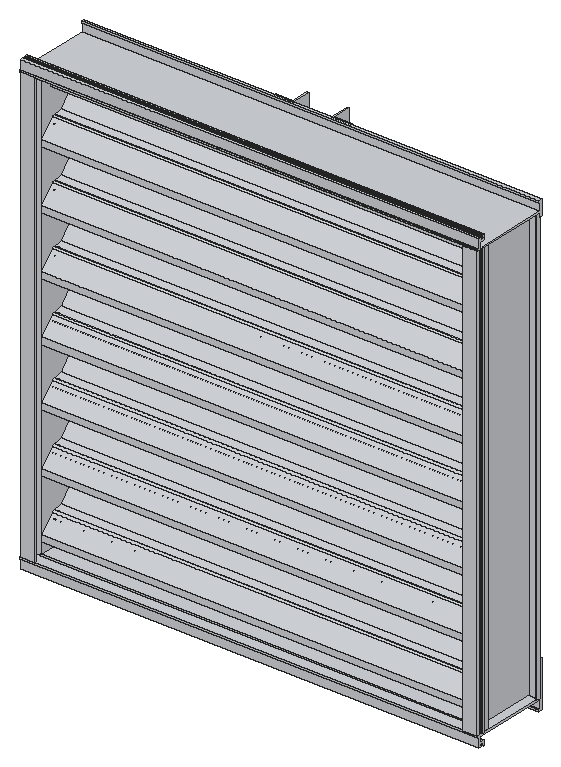
Revit family "FA-157", category Mechanical Equipment, Revit 2015
Parameters
  URL = "https://unitedenertech.com/catalog/pdf/A_29a%20FA-157.pdf"
  Type Comments = "Max. Single Section Size is (60\"w  x  96\"h)"
  Number of Blades [instance] = rounddown((Exact Height - 0' 2 1/2") / 0' 4 41/64")  # 7
  Model = "FA-157"
  Manufacturer = "United Enertech Corporation"
  Exact Width = 3' - 0"
  Exact Height = 3' - 0"
  Description = "High Performance 90 Degree Adjustable Louver 6\""
  Depth = 0' - 6.26867"
  Blade Width [instance] = Exact Width - 0' 1 13/16" - 0' 0 1/8"  # 2' - 10 1/16"
  Blade Spacing = 0' - 4.64"
Reference planes (in)
  plane 1 "Center (Front/Back)": y = 0
  plane 2: z = 0
  plane 3 "Center (Left/Right)": x = 0
  plane 4: x = -18
  plane 5: x = 18
  plane 6: z = 36
  plane 7: z = 0.907
  plane 8: z = 35.093
  plane 9: y = 6.26867
  plane 10: x = -17.094
  plane 11: x = 17.094
  plane 12: y = 1.9432
  plane 13: y = 2.394
  plane 14: y = 0.875
  plane 15: z = 34.0098
  plane 16: x = -3
  plane 17: x = 3
  plane 18: z = 33.38582
  plane 19: z = 33.88582
  plane 20: z = 3.22289
Forms (in)
  Extrusion 1, solid
    sketch origin (32.73411, 22.44798, 0) x (1, 0, 0) y (0, 1, 0)
      loop
        line (-50.60911, -16.59898) -> (-50.60911, -16.49198) -> (-49.95311, -16.49198) -> (-49.95311, -21.36398) -> (-50.66611, -21.36398) -> (-50.66611, -21.82298) -> (-50.73411, -21.82298) -> (-50.73411, -21.94798) -> (-50.66611, -21.94798) -> (-50.66611, -22.00898) -> (-50.58511, -22.00898) -> (-50.58511, -21.94798) -> (-50.49711, -21.94798) -> (-50.49711, -22.32298) -> (-50.58511, -22.32298) -> (-50.58511, -22.23198) -> (-50.66611, -22.23198) -> (-50.66611, -22.44798) -> (-49.56511, -22.44798) -> (-49.56511, -22.32298) -> (-49.82811, -22.32298) -> (-49.82811, -22.21598) -> (-49.95311, -22.21598) -> (-49.95311, -22.32298) -> (-50.37211, -22.32298) -> (-50.37211, -21.82298) -> (-50.54111, -21.82298) -> (-50.54111, -21.48898) -> (-49.82811, -21.48898) -> (-49.82811, -16.49198) -> (-49.56511, -16.49198) -> (-49.56511, -16.36698) -> (-50.73411, -16.36698) -> (-50.73411, -16.59898) -> (-50.60911, -16.59898)
    from 0.907 to 35.093
  Extrusion 2, solid
    sketch origin (-32.73411, 22.44798, 0) x (-1, 0, 0) y (0, -1, 0)
      loop
        line (-50.60911, 16.59898) -> (-50.73411, 16.59898) -> (-50.73411, 16.36698) -> (-49.56511, 16.36698) -> (-49.56511, 16.49198) -> (-49.82811, 16.49198) -> (-49.82811, 21.48898) -> (-50.54111, 21.48898) -> (-50.54111, 21.82298) -> (-50.37211, 21.82298) -> (-50.37211, 22.32298) -> (-49.95311, 22.32298) -> (-49.95311, 22.21598) -> (-49.82811, 22.21598) -> (-49.82811, 22.32298) -> (-49.56511, 22.32298) -> (-49.56511, 22.44798) -> (-50.66611, 22.44798) -> (-50.66611, 22.23198) -> (-50.58511, 22.23198) -> (-50.58511, 22.32298) -> (-50.49711, 22.32298) -> (-50.49711, 21.94798) -> (-50.58511, 21.94798) -> (-50.58511, 22.00898) -> (-50.66611, 22.00898) -> (-50.66611, 21.94798) -> (-50.73411, 21.94798) -> (-50.73411, 21.82298) -> (-50.66611, 21.82298) -> (-50.66611, 21.36398) -> (-49.95311, 21.36398) -> (-49.95311, 16.49198) -> (-50.60911, 16.49198) -> (-50.60911, 16.59898)
    from 0.907 to 35.093
  Extrusion 3, solid
    sketch origin (-10.45021, 50.73378, 8.99276) x (0, 1, 0) y (0, 0, 1)
      loop
        line (-44.46511, -5.28576) -> (-44.59011, -5.28576) -> (-44.59011, -8.08576) -> (-50.73378, -8.08576) -> (-50.73378, -8.21076) -> (-50.67111, -8.21076) -> (-50.67111, -8.92376) -> (-50.45511, -8.92376) -> (-50.45511, -8.84276) -> (-50.56811, -8.84276) -> (-50.56811, -8.75476) -> (-50.17111, -8.75476) -> (-50.17111, -8.84276) -> (-50.23211, -8.84276) -> (-50.23211, -8.92376) -> (-50.17111, -8.92376) -> (-50.17111, -8.99276) -> (-50.09011, -8.99276) -> (-50.09011, -8.62976) -> (-50.56811, -8.62976) -> (-50.56811, -8.21076) -> (-44.59011, -8.21076) -> (-44.59011, -8.86776) -> (-44.69711, -8.86776) -> (-44.69711, -8.99276) -> (-44.46511, -8.99276) -> (-44.46511, -5.28576)
    from -7.54979 to 28.45021
  Extrusion 4, solid
    sketch origin (-12.41983, 50.73378, 47.84535) x (0, 1, 0) y (0, 0, 1)
      loop
        line (-50.17111, -11.84535) -> (-50.17111, -11.91435) -> (-50.23211, -11.91435) -> (-50.23211, -11.99535) -> (-50.17111, -11.99535) -> (-50.17111, -12.08335) -> (-50.56811, -12.08335) -> (-50.56811, -11.99535) -> (-50.45511, -11.99535) -> (-50.45511, -11.91435) -> (-50.67111, -11.91435) -> (-50.67111, -12.62735) -> (-50.73378, -12.62735) -> (-50.73378, -12.75235) -> (-44.59011, -12.75235) -> (-44.59011, -13.00235) -> (-44.46511, -13.00235) -> (-44.46511, -11.84535) -> (-44.69711, -11.84535) -> (-44.69711, -11.97035) -> (-44.59011, -11.97035) -> (-44.59011, -12.62735) -> (-50.56811, -12.62735) -> (-50.56811, -12.20835) -> (-50.09011, -12.20835) -> (-50.09011, -11.84535) -> (-50.17111, -11.84535)
    from -5.58017 to 30.41983
  Extrusion 5, solid
    sketch origin (0, 0, 0) x (0, 1, 0) y (0, 0, 1)
      loop
        line (1.9432, 35.093) -> (0.4432, 35.093) -> (0.4432, 34.968) -> (1.8182, 34.968) -> (1.8182, 33.593) -> (1.9432, 33.593) -> (1.9432, 35.093)
    from -17.094 to 17.094
  Extrusion 6, solid
    sketch origin (0, 0, 0) x (0, 1, 0) y (0, 0, 1)
      loop
        line (2.394, 0.907) -> (2.394, 2.25) -> (2.269, 2.25) -> (2.269, 1.032) -> (0.894, 1.032) -> (0.894, 0.907) -> (2.394, 0.907)
    from -17.094 to 17.094
  Extrusion 7, solid
    sketch origin (0, 0, 0) x (1, 0, 0) y (0, 1, 0)
      loop
        line (-3, 6.26867) -> (-1.5, 6.26867) -> (-1.5, 7.76867) -> (-1.625, 7.76867) -> (-1.625, 6.39367) -> (-3, 6.39367) -> (-3, 6.26867)
    from 0 to 36
  Extrusion 8, solid
    sketch origin (0, 0, 0) x (-1, 0, 0) y (0, -1, 0)
      loop
        line (-3, -6.26867) -> (-3, -6.39367) -> (-1.625, -6.39367) -> (-1.625, -7.76867) -> (-1.5, -7.76867) -> (-1.5, -6.26867) -> (-3, -6.26867)
    from 0 to 36
  Extrusion 9, solid
    sketch origin (0, 0, 0) x (1, 0, 0) y (0, 1, 0)
      loop
        circle (0, 5.60607) r 0.17291
    from 3.22289 to 33.88582
Dimensions and locks (in)
  equal spacing: plane 4, plane 3 "Center (Left/Right)", plane 5
  "Exact Width": plane 4 to plane 5
  "Exact Height": plane 6 to level
  locked: plane 7 to level at 0.907
  locked: plane 6 to plane 8 at 0.907
  "Depth": plane 1 "Center (Front/Back)" to plane 9
  locked: plane 4 to plane 10 at 0.906
  locked: plane 11 to plane 5 at 0.906
  locked: plane 12 to plane 1 "Center (Front/Back)" at 1.9432
  locked: plane 13 to plane 1 "Center (Front/Back)" at 2.394
  locked: plane 14 to plane 1 "Center (Front/Back)" at 0.875
  locked: plane 6 to plane 15 at 1.9902
  equal spacing: group 1, group 2, group 3, group 4, group 5, group 6, group 7  (x2)
  equal spacing: group 7, group 6, group 5, group 4, group 3, group 2, group 1
  "Blade Spacing": nested 2 to nested 1
  equal spacing: plane 16, plane 3 "Center (Left/Right)", plane 17
  locked: plane 16 to plane 17 at 6
  locked: plane 6 to plane 18 at 2.61418
  locked: plane 19 to plane 6 at 2.11418
  equal spacing: group 8, group 9, group 10, group 11, group 12, group 13, group 14  (x2)
  equal spacing: group 14, group 13, group 12, group 11, group 10, group 9, group 8
  "Blade Spacing": nested 8 to nested 9
  locked: plane 20 to level at 3.22289
  aligned and locked: level to plane 2
  aligned and locked: Extrusion 1 to plane 4
  aligned and locked: plane 5 to Extrusion 2
  aligned and locked: Extrusion 3 to level
  aligned and locked: level to Extrusion 3
  aligned and locked: Extrusion 1 to Extrusion 3
  aligned and locked: Extrusion 2 to Extrusion 1
  aligned and locked: Extrusion 3 to plane 4
  aligned and locked: plane 5 to Extrusion 3
  aligned and locked: plane 6 to Extrusion 4  (x2)
  aligned and locked: plane 8 to Extrusion 1
  aligned and locked: plane 8 to Extrusion 2
  aligned and locked: Extrusion 4 to plane 4
  aligned and locked: plane 5 to Extrusion 4
  aligned and locked: Extrusion 1 to Extrusion 4
  aligned and locked: Extrusion 2 to Extrusion 4
  aligned and locked: Extrusion 4 to Extrusion 1
  aligned and locked: Extrusion 5 to plane 10
  aligned and locked: Extrusion 5 to plane 11
  aligned and locked: Extrusion 6 to plane 10
  aligned and locked: Extrusion 6 to plane 11
  aligned and locked: plane 3 "Center (Left/Right)" to nested 1
  aligned and locked: plane 14 to nested 1
  aligned and locked: plane 15 to nested 1
  aligned and locked: Extrusion 7 to level
  aligned and locked: Extrusion 8 to level
  aligned and locked: plane 6 to Extrusion 7
  aligned and locked: plane 6 to Extrusion 8
  aligned and locked: nested 8 to plane 18
  aligned and locked: Extrusion 9 to plane 20
  aligned and locked: Extrusion 9 to plane 19
Automatic sketch dimensions
  Extrusion 1 sketch curve to plane 4 = 0' - 0"  (x2)
  plane 1 "Center (Front/Back)" to Extrusion 1 sketch curve = 0' - 0"
  Extrusion 1 sketch curve to plane 10 = 0' - 0"  (x2)
  plane 4 to Extrusion 1 sketch curve = 0' - 0.068"  (x2)
  Extrusion 1 sketch curve to Extrusion 1 sketch curve = 0' - 0.068"
  plane 4 to Extrusion 1 sketch curve = 0' - 0 1/8"
  Extrusion 1 sketch curve to Extrusion 1 sketch curve = 0' - 0.081"  (x2)
  Extrusion 1 sketch curve to Extrusion 1 sketch curve = 0' - 0 1/8"  (x6)
  Extrusion 1 sketch curve to Extrusion 1 sketch curve = 0' - 0.088"
  Extrusion 1 sketch curve to plane 10 = 0' - 0 1/8"  (x2)
  plane 10 to Extrusion 1 sketch curve = 0' - 0.263"
  Extrusion 1 sketch curve to Extrusion 1 sketch curve = 0' - 0.263"
  Extrusion 1 sketch curve to plane 1 "Center (Front/Back)" = 0' - 0 1/8"  (x3)
  Extrusion 1 sketch curve to Extrusion 1 sketch curve = 0' - 0.091"
  Extrusion 1 sketch curve to Extrusion 1 sketch curve = 0' - 0.107"
  Extrusion 1 sketch curve to Extrusion 1 sketch curve = 0' - 0.223"
  Extrusion 1 sketch curve to Extrusion 1 sketch curve = 0' - 0.061"  (x2)
  Extrusion 1 sketch curve to plane 14 = 0' - 0.084"
  Extrusion 1 sketch curve to plane 9 = 0' - 0.41967"
  Extrusion 1 sketch curve to plane 9 = 0' - 0.31267"
  Extrusion 1 sketch curve to Extrusion 1 sketch curve = 0' - 0"
  Extrusion 2 sketch curve to plane 5 = 0' - 0"  (x2)
  plane 1 "Center (Front/Back)" to Extrusion 2 sketch curve = 0' - 0"
  Extrusion 2 sketch curve to plane 11 = 0' - 0"  (x2)
  plane 5 to Extrusion 2 sketch curve = 0' - 0.068"  (x3)
  plane 5 to Extrusion 2 sketch curve = 0' - 0 1/8"
  Extrusion 2 sketch curve to Extrusion 2 sketch curve = 0' - 0.081"  (x2)
  Extrusion 2 sketch curve to Extrusion 2 sketch curve = 0' - 0 1/8"  (x7)
  Extrusion 2 sketch curve to Extrusion 2 sketch curve = 0' - 0.088"
  plane 11 to Extrusion 2 sketch curve = 0' - 0 1/8"
  Extrusion 2 sketch curve to plane 11 = 0' - 0.263"  (x2)
  plane 1 "Center (Front/Back)" to Extrusion 2 sketch curve = 0' - 0 1/8"  (x3)
  Extrusion 2 sketch curve to Extrusion 2 sketch curve = 0' - 0.091"
  Extrusion 2 sketch curve to Extrusion 2 sketch curve = 0' - 0.107"
  Extrusion 2 sketch curve to Extrusion 2 sketch curve = 0' - 0.223"
  Extrusion 2 sketch curve to Extrusion 2 sketch curve = 0' - 0.061"  (x2)
  plane 14 to Extrusion 2 sketch curve = 0' - 0.084"
  plane 9 to Extrusion 2 sketch curve = 0' - 0.41967"
  plane 9 to Extrusion 2 sketch curve = 0' - 0.31267"
  Extrusion 2 sketch curve to Extrusion 2 sketch curve = 0' - 0"
  Extrusion 3 sketch curve to plane 1 "Center (Front/Back)" = 0' - 0"
  Extrusion 3 sketch curve to level = 0' - 0"  (x2)
  plane 7 to Extrusion 3 sketch curve = 0' - 0"
  Extrusion 3 sketch curve to plane 9 = 0' - 0"
  Extrusion 3 sketch curve to plane 1 "Center (Front/Back)" = 0' - 0.06267"
  Extrusion 3 sketch curve to plane 1 "Center (Front/Back)" = 0' - 0.16567"
  Extrusion 3 sketch curve to Extrusion 3 sketch curve = 0' - 0.103"
  Extrusion 3 sketch curve to Extrusion 3 sketch curve = 0' - 0.113"
  level to Extrusion 3 sketch curve = 0' - 0.069"  (x2)
  Extrusion 3 sketch curve to Extrusion 3 sketch curve = 0' - 0.223"
  Extrusion 3 sketch curve to Extrusion 3 sketch curve = 0' - 0.061"  (x2)
  Extrusion 3 sketch curve to Extrusion 3 sketch curve = 0' - 0.081"  (x3)
  Extrusion 3 sketch curve to plane 9 = 0' - 0.232"
  Extrusion 3 sketch curve to plane 9 = 0' - 0 1/8"  (x2)
  Extrusion 3 sketch curve to Extrusion 3 sketch curve = 0' - 0 1/8"  (x2)
  Extrusion 3 sketch curve to Extrusion 3 sketch curve = 0' - 0.088"
  Extrusion 3 sketch curve to plane 7 = 0' - 0 1/8"
  Extrusion 3 sketch curve to Extrusion 3 sketch curve = 0' - 0"
  Extrusion 3 sketch curve to Extrusion 3 sketch curve = 0' - 2.8"
  Extrusion 4 sketch curve to plane 1 "Center (Front/Back)" = 0' - 0"
  Extrusion 4 sketch curve to plane 6 = 0' - 0"  (x2)
  plane 8 to Extrusion 4 sketch curve = 0' - 0"
  Extrusion 4 sketch curve to plane 9 = 0' - 0"
  Extrusion 4 sketch curve to Extrusion 4 sketch curve = 0' - 0.06267"
  Extrusion 4 sketch curve to Extrusion 4 sketch curve = 0' - 0.103"  (x2)
  Extrusion 4 sketch curve to Extrusion 4 sketch curve = 0' - 0.113"
  Extrusion 4 sketch curve to Extrusion 4 sketch curve = 0' - 0.223"
  Extrusion 4 sketch curve to Extrusion 4 sketch curve = 0' - 0.061"  (x2)
  Extrusion 4 sketch curve to Extrusion 4 sketch curve = 0' - 0.081"
  Extrusion 4 sketch curve to plane 9 = 0' - 0.232"
  Extrusion 4 sketch curve to plane 9 = 0' - 0 1/8"
  Extrusion 4 sketch curve to Extrusion 4 sketch curve = 0' - 0.107"
  Extrusion 4 sketch curve to plane 8 = 0' - 0 1/4"
  Extrusion 4 sketch curve to Extrusion 4 sketch curve = 0' - 0 1/8"  (x2)
  Extrusion 4 sketch curve to Extrusion 4 sketch curve = 0' - 0"
  Extrusion 4 sketch curve to Extrusion 4 sketch curve = 0' - 0.363"
  Extrusion 4 sketch curve to Extrusion 4 sketch curve = 0' - 0.088"  (x2)
  Extrusion 4 sketch curve to plane 6 = 0' - 0 1/8"
  Extrusion 4 sketch curve to plane 6 = 0' - 0.069"  (x2)
  Extrusion 5 sketch curve to plane 8 = 0' - 0"
  Extrusion 5 sketch curve to plane 12 = 0' - 0"
  plane 12 to Extrusion 5 sketch curve = 0' - 0 1/8"
  plane 14 to Extrusion 5 sketch curve = 0' - 0.4318"
  Extrusion 5 sketch curve to plane 8 = 0' - 0 1/8"
  Extrusion 5 sketch curve to plane 15 = 0' - 0.4168"
  Extrusion 6 sketch curve to plane 7 = 0' - 0"
  Extrusion 6 sketch curve to plane 13 = 0' - 0"
  Extrusion 6 sketch curve to plane 13 = 0' - 0 1/8"
  Extrusion 6 sketch curve to plane 14 = 0' - 0.019"
  plane 7 to Extrusion 6 sketch curve = 0' - 0 1/8"
  Extrusion 6 sketch curve to Extrusion 6 sketch curve = 0' - 1.218"
  Extrusion 7 sketch curve to plane 9 = 0' - 0"
  Extrusion 7 sketch curve to plane 16 = 0' - 0"
  plane 16 to Extrusion 7 sketch curve = 0' - 1 3/8"
  Extrusion 7 sketch curve to Extrusion 7 sketch curve = 0' - 0 1/8"
  plane 9 to Extrusion 7 sketch curve = 0' - 0 1/8"
  Extrusion 7 sketch curve to Extrusion 7 sketch curve = 0' - 1 3/8"
  Extrusion 8 sketch curve to plane 9 = 0' - 0"
  Extrusion 8 sketch curve to plane 17 = 0' - 0"
  Extrusion 8 sketch curve to plane 17 = 0' - 1 3/8"
  Extrusion 8 sketch curve to Extrusion 8 sketch curve = 0' - 0 1/8"  (x2)
  Extrusion 8 sketch curve to Extrusion 8 sketch curve = 0' - 1 3/8"
  Extrusion 9 sketch curve to plane 3 "Center (Left/Right)" = 0' - 0"
  Extrusion 9 sketch curve to plane 9 = 0' - 0.6626"
  radius of Extrusion 9 sketch curve = 0' - 0.17291"
Nested families (in)
  nested 1: "BLADES" at (0, 5.56346, 29.23189), type "BLADES"
    with BW 2' - 10 1/16"
  nested 2: "BLADES" at (0, 5.56346, 24.59189), type "BLADES"
    with BW 2' - 10 1/16"
  nested 3: "BLADES" at (0, 5.56346, 19.95189), type "BLADES"
    with BW 2' - 10 1/16"
  nested 4: "BLADES" at (0, 5.56346, 15.31189), type "BLADES"
    with BW 2' - 10 1/16"
  nested 5: "BLADES" at (0, 5.56346, 10.67189), type "BLADES"
    with BW 2' - 10 1/16"
  nested 6: "BLADES" at (0, 5.56346, 6.03189), type "BLADES"
    with BW 2' - 10 1/16"
  nested 7: "BLADES" at (0, 5.56346, 1.39189), type "BLADES"
    with BW 2' - 10 1/16"
  nested 8: "AFLBRACK" at (2.67149, 3.61412, 32.40943) x (1, 0, 0) z (0, 0.7193, -0.6947), type "AFLBRACK"
  nested 9: "AFLBRACK" at (2.67149, 3.61412, 27.76943) x (1, 0, 0) z (0, 0.7193, -0.6947), type "AFLBRACK"
  nested 10: "AFLBRACK" at (2.67149, 3.61412, 23.12943) x (1, 0, 0) z (0, 0.7193, -0.6947), type "AFLBRACK"
  nested 11: "AFLBRACK" at (2.67149, 3.61412, 18.48943) x (1, 0, 0) z (0, 0.7193, -0.6947), type "AFLBRACK"
  nested 12: "AFLBRACK" at (2.67149, 3.61412, 13.84943) x (1, 0, 0) z (0, 0.7193, -0.6947), type "AFLBRACK"
  nested 13: "AFLBRACK" at (2.67149, 3.61412, 9.20943) x (1, 0, 0) z (0, 0.7193, -0.6947), type "AFLBRACK"
  nested 14: "AFLBRACK" at (2.67149, 3.61412, 4.56943) x (1, 0, 0) z (0, 0.7193, -0.6947), type "AFLBRACK"
Definition of nested family "BLADES"
  Parameters (values of type "BLADES")
    BW = 2' - 0"
  Reference planes (in)
    plane 1 "Center (Front/Back)": y = 0
    plane 2: z = 0
    plane 3 "Center (Left/Right)": x = 0
    plane 4: x = -12
    plane 5: x = 12
  Forms (in)
    Extrusion 1, solid
      sketch origin (0, -0.5, 0) x (0, 1, 0) y (0, 0, 1)
        loop
          line (-0.69005, 4.69687) -> (-0.52116, 4.69687) -> (-0.52116, 4.32256) -> (-2.20586, 2.34088) -> (-2.90939, 2.22039)
          arc (-2.90939, 2.22039) -> (-3.00563, 2.18811) -> (-3.08756, 2.12819) r 0.331
          line (-3.08756, 2.12819) -> (-4.18846, 1.02729) -> (-4.18846, 0.52736) -> (-3.93847, 0.52736) -> (-3.93847, 0.60836) -> (-4.10844, 0.60836) -> (-4.10844, 0.99416) -> (-3.18209, 1.92052)
          arc (-3.18209, 1.92052) -> (-2.99077, 1.59382) -> (-2.61807, 1.66033) r 0.331
          line (-2.61807, 1.66033) -> (-2.67534, 1.7176)
          arc (-2.67534, 1.7176) -> (-3.09623, 1.94831) -> (-2.61732, 1.98022) r 0.25
          line (-2.61732, 1.98022) -> (-2.54124, 2.00803)
          arc (-2.54124, 2.00803) -> (-2.59644, 2.10459) -> (-2.6805, 2.17741) r 0.331
          line (-2.6805, 2.17741) -> (-2.16578, 2.26557) -> (-0.44017, 4.28585) -> (-0.44004, 4.77791) -> (-0.69005, 4.77791) -> (-0.69005, 4.69687)
      from -12 to 12
  Dimensions and locks (in)
    equal spacing: plane 4, plane 3 "Center (Left/Right)", plane 5
    "BW": plane 4 to plane 5
    aligned and locked: level to plane 2
    aligned and locked: Extrusion 1 to plane 4
    aligned and locked: plane 5 to Extrusion 1
  Automatic sketch dimensions
    Extrusion 1 sketch curve to Extrusion 1 sketch curve = 0' - 0"  (x6)
    level to Extrusion 1 sketch curve = 0' - 1.02729"
    plane 1 "Center (Front/Back)" to Extrusion 1 sketch curve = 0' - 4.68846"
    Extrusion 1 sketch curve to Extrusion 1 sketch curve = 0' - 0.08002"
    Extrusion 1 sketch curve to Extrusion 1 sketch curve = 0' - 0.16998"
    Extrusion 1 sketch curve to Extrusion 1 sketch curve = 0' - 0.92636"
    Extrusion 1 sketch curve to Extrusion 1 sketch curve = 0' - 0.09452"
    Extrusion 1 sketch curve to Extrusion 1 sketch curve = 0' - 0.17818"
    Extrusion 1 sketch curve to Extrusion 1 sketch curve = 0' - 0.32858"
    Extrusion 1 sketch curve to Extrusion 1 sketch curve = 0' - 0.00139"
    Extrusion 1 sketch curve to Extrusion 1 sketch curve = 0' - 0.22889"
    level to Extrusion 1 sketch curve = 0' - 1.7176"
    Extrusion 1 sketch curve to Extrusion 1 sketch curve = 0' - 0.17678"
    level to Extrusion 1 sketch curve = 0' - 1.66033"
    Extrusion 1 sketch curve to Extrusion 1 sketch curve = 0' - 0.05728"
    level to Extrusion 1 sketch curve = 0' - 1.98022"
    Extrusion 1 sketch curve to Extrusion 1 sketch curve = 0' - 0.06318"
    Extrusion 1 sketch curve to Extrusion 1 sketch curve = 0' - 0.07608"
    Extrusion 1 sketch curve to Extrusion 1 sketch curve = 0' - 0.33539"
    Extrusion 1 sketch curve to Extrusion 1 sketch curve = 0' - 0.04008"
    plane 1 "Center (Front/Back)" to Extrusion 1 sketch curve = 0' - 1.19005"
    Extrusion 1 sketch curve to Extrusion 1 sketch curve = 0' - 0.16889"
    Extrusion 1 sketch curve to Extrusion 1 sketch curve = 0' - 0.08099"  (x2)
    Extrusion 1 sketch curve to Extrusion 1 sketch curve = 0' - 0.08113"
    Extrusion 1 sketch curve to Extrusion 1 sketch curve = 0' - 0.03313"
    Extrusion 1 sketch curve to Extrusion 1 sketch curve = 0' - 0.3858"
    Extrusion 1 sketch curve to Extrusion 1 sketch curve = 0' - 0.00024"
    Extrusion 1 sketch curve to Extrusion 1 sketch curve = 0' - 0.02781"
    Extrusion 1 sketch curve to Extrusion 1 sketch curve = 0' - 0.20767"
    Extrusion 1 sketch curve to Extrusion 1 sketch curve = 0' - 0.25754"
    Extrusion 1 sketch curve to Extrusion 1 sketch curve = 0' - 0.07532"
    Extrusion 1 sketch curve to Extrusion 1 sketch curve = 0' - 1.94496"
    Extrusion 1 sketch curve to Extrusion 1 sketch curve = 0' - 0.03671"
    Extrusion 1 sketch curve to Extrusion 1 sketch curve = 0' - 0.37431"
    Extrusion 1 sketch curve to Extrusion 1 sketch curve = 0' - 0.08104"
Definition of nested family "AFLBRACK"
  Reference planes (in)
    plane 1 "Center (Front/Back)": y = 0
    plane 2: z = 0
    plane 3 "Center (Left/Right)": x = 0
  Forms (in)
    Extrusion 1, solid
      sketch origin (-2.68978, 0, 0) x (1, 0, 0) y (0, 1, 0)
        loop
          line (-0.87301, 0.90078) -> (-0.86465, 0.86958) -> (-0.8419, 0.84683) -> (-0.8093, 0.83809) -> (-0.779, 0.84621) -> (-0.75683, 0.86838) -> (-0.74808, 0.90104) -> (-0.77994, 0.95397) -> (-0.81168, 0.96248) -> (-0.8425, 0.95422) -> (-0.86483, 0.93188) -> (-0.87301, 0.90078)
        loop
          line (-0.93538, 0.9154) -> (-0.93206, 0.86544) -> (-0.64736, 0.48722) -> (-0.58911, 0.45359) -> (-0.52742, 0.45359) -> (-0.46383, 0.48167) -> (-0.23166, 0.68275) -> (0.26824, 0.68275) -> (0.50644, 0.47916) -> (0.55228, 0.45269) -> (0.60696, 0.44805) -> (0.65295, 0.46335) -> (0.70069, 0.51109) -> (0.94703, 0.8246) -> (0.96905, 0.87284) -> (0.96905, 0.92278) -> (0.94661, 0.97737) -> (0.90851, 1.01547) -> (0.38693, 1.41977) -> (0.34918, 1.44157) -> (0.30813, 1.44599) -> (-0.27279, 1.44599) -> (-0.31429, 1.44029) -> (-0.34963, 1.41988) -> (-0.8889, 0.99856) -> (-0.91859, 0.96157) -> (-0.93538, 0.9154)
        loop
          line (0.84768, 0.83809) -> (0.87798, 0.84621) -> (0.90014, 0.86838) -> (0.90014, 0.93086) -> (0.87703, 0.95397) -> (0.84529, 0.96248) -> (0.81448, 0.95422) -> (0.79214, 0.93188) -> (0.78396, 0.90078) -> (0.79232, 0.86958) -> (0.81508, 0.84683) -> (0.84768, 0.83809)
      from 0 to 0.05
    Extrusion 2, solid
      sketch origin (-2.46819, 0, 2.56842) x (0, 0, -1) y (0, 1, 0)
        loop
          line (2.51842, 0.68327) -> (2.51842, 1.44594) -> (2.51176, 1.51478) -> (2.48916, 1.57964) -> (2.45293, 1.63829) -> (2.40233, 1.68888) -> (2.34486, 1.72864) -> (2.27938, 1.75164) -> (2.20777, 1.75915) -> (2.13925, 1.75208) -> (2.0744, 1.72832) -> (2.01055, 1.69145) -> (1.9628, 1.63668) -> (1.93051, 1.59239) -> (1.90399, 1.52215) -> (1.8947, 1.44597) -> (1.9075, 1.36441) -> (1.93504, 1.29244) -> (1.97741, 1.23669) -> (2.51842, 0.68327)
        loop
          line (2.41231, 1.4628) -> (2.40418, 1.50788) -> (2.3851, 1.55473) -> (2.35036, 1.5984) -> (2.30889, 1.63032) -> (2.27559, 1.64577) -> (2.24019, 1.65526) -> (2.19928, 1.65862) -> (2.14577, 1.65218) -> (2.1015, 1.63538) -> (2.05219, 1.60094) -> (2.01547, 1.55605) -> (1.99249, 1.50441) -> (1.9852, 1.44645) -> (1.99277, 1.39034) -> (2.01379, 1.3377) -> (2.04799, 1.29226) -> (2.09253, 1.25839) -> (2.14269, 1.23795) -> (2.19928, 1.23067) -> (2.25419, 1.23779) -> (2.31337, 1.26524) -> (2.36192, 1.30922) -> (2.3931, 1.35849) -> (2.40864, 1.40578) -> (2.41231, 1.4628)
      from 0 to 0.05
    Extrusion 3, solid
      sketch origin (-2.87479, 0, 2.56842) x (0, 0, -1) y (0, -1, 0)
        loop
          line (2.51842, -0.68327) -> (1.97741, -1.23669) -> (1.93504, -1.29244) -> (1.9075, -1.36441) -> (1.8947, -1.44597) -> (1.90399, -1.52215) -> (1.93051, -1.59239) -> (1.9628, -1.63668) -> (2.01055, -1.69145) -> (2.0744, -1.72832) -> (2.13925, -1.75208) -> (2.20777, -1.75915) -> (2.27938, -1.75164) -> (2.34486, -1.72864) -> (2.40233, -1.68888) -> (2.45293, -1.63829) -> (2.48916, -1.57964) -> (2.51176, -1.51478) -> (2.51842, -1.44594) -> (2.51842, -0.68327)
        loop
          line (2.41231, -1.4628) -> (2.40864, -1.40578) -> (2.3931, -1.35849) -> (2.36192, -1.30922) -> (2.31337, -1.26524) -> (2.25419, -1.23779) -> (2.19928, -1.23067) -> (2.14269, -1.23795) -> (2.09253, -1.25839) -> (2.04799, -1.29226) -> (2.01379, -1.3377) -> (1.99277, -1.39034) -> (1.9852, -1.44645) -> (1.99249, -1.50441) -> (2.01547, -1.55605) -> (2.05219, -1.60094) -> (2.1015, -1.63538) -> (2.14577, -1.65218) -> (2.19928, -1.65862) -> (2.24019, -1.65526) -> (2.27559, -1.64577) -> (2.30889, -1.63032) -> (2.35036, -1.5984) -> (2.3851, -1.55473) -> (2.40418, -1.50788) -> (2.41231, -1.4628)
      from 0 to 0.05
    Extrusion 4, solid
      sketch origin (0, 0, 0) x (0, 1, 0) y (0, 0, 1)
        loop
          circle (1.44593, 0.36759) r 0.25
      from -2.89968 to -2.44346
    Extrusion 5, solid
      sketch origin (0, 0.21736, 1.14039) x (1, 0, 0) y (0, 0.71934, -0.694658)
        loop
          circle (-2.67211, 1.44599) r 0.13823
      from 0.36066 to 1.36337
    Extrusion 6, solid
      sketch origin (0, 0.21736, 1.14039) x (1, 0, 0) y (0, 0.694658, 0.71934)
        loop
          circle (-2.67801, 1.03548) r 0.25
      from -1.61222 to -1.27315
  Dimensions and locks (in)
    aligned and locked: level to plane 2
